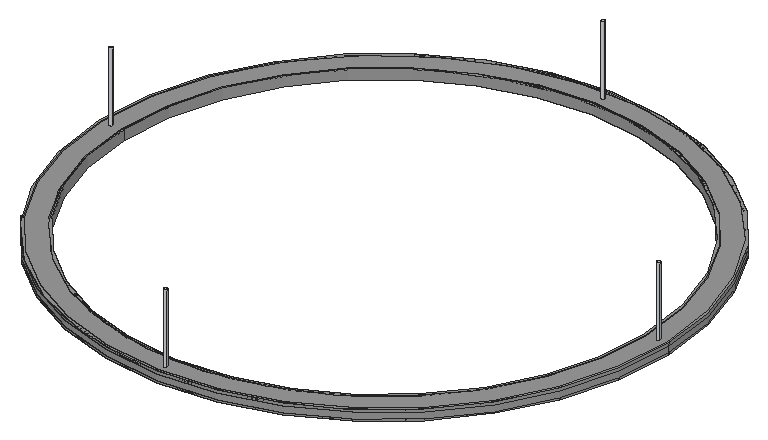
Revit family "MONALISA_1800MM_41_4000K", category Lighting Fixtures, host Ceiling, Revit 2021
Family settings
  Host = Ceiling
  Round Connector Dimension = Use Diameter
  Part Type = Normal
  OmniClass Number = 23.80.70.11
  OmniClass Title = Luminaries for Internal Lighting
  Always vertical = Yes
  Cut with Voids When Loaded = No
  Light Source = Yes
  Shared = No
  Room Calculation Point = No
Parameters (values of type "Type 1")
  Wattage = 68.3982 W
  built-in parameter 1150110 = 1 (stored number, unit not read)
  Type de lampe = "LED Samsung 2835 SMD"
  Type = "Suspension"
  built-in parameter 1114217 = 1 (stored number, unit not read)
  Tilt Angle = 90.00°
  built-in parameter 1150109 = 1 (stored number, unit not read)
  built-in parameter 1150134 = 12
  built-in parameter 1150113 = 1 (stored number, unit not read)
  SDCM = "<3"
  Puissance nominale = "127W"
  Photometric Web File = "google_eulumdat_converter (4).ies"
  Lumens = 10160 lm
  built-in parameter 1150115 = 1 (stored number, unit not read)
  built-in parameter 1150105 = 3442.3 (stored number, unit not read)
  built-in parameter 1150137 = (empty or 0)
  built-in parameter 1150139 = (empty or 0)
  built-in parameter 1150112 = 1 (stored number, unit not read)
  built-in parameter 1150114 = 1 (stored number, unit not read)
  built-in parameter 1150132 = 2
  built-in parameter 1150102 = (empty or 0)
  built-in parameter 1150138 = (empty or 0)
  built-in parameter 1150107 = 4000 (stored number, unit not read)
  built-in parameter 1150106 = 34.423 (stored number, unit not read)
  IRC = ">80"
  Fintion = "Gris aluminium - Diffuseur acrylique"
  Emit from Circle Diameter = 609.6 mm
  Emit Shape Visible in Rendering = no
  built-in parameter 1150104 = 13.8 (stored number, unit not read)
  Durée de vie = "50 000 heures"
  Driver = "Driver Osram"
  Dimming Lamp Color Temperature Shift = <None>
  Dimensions = "ø 1800 mm, H : 32 mm"
  Default Elevation = 0 mm
  Color Filter = 16777215
  built-in parameter 1114218 = 1 (stored number, unit not read)
  built-in parameter 1150133 = 10 (stored number, unit not read)
  Angle d'éclairage = "120°"
  Alimentation luminaire = "950 mA x 4pcs / 30V"
  Alimentation Driver = "AC 220-240V"
Reference planes
  plane 1 "Light Source Axis (F/B)": y = 0
  plane 2: z = 0
  plane 3 "Light Source Axis (L/R)": x = 0
  plane 4 "Ceiling": z = 4000
  plane 5 "Light Source Elevation": z = 3762.902
Forms (mm)
  Extrusion 1, solid, material "Aluminum, Anodized grey"
    sketch origin (0, 0, 4000) x (0, 1, 0) y (-1, 0, 0)
      loop
        circle (0, 0) r 900
      loop
        circle (0, 0) r 825
      loop
        circle (0, 0) r 830.483
      loop
        circle (0, 0) r 893.42
    from -250 to -218
  Extrusion 2, solid, material "Aluminum, Anodized grey"
    sketch origin (0, 0, 4000) x (0, 1, 0) y (-1, 0, 0)
      loop
        circle (0, 0) r 900
      loop
        circle (0, 0) r 830.483
    from -225.222 to -218
  Extrusion 3, solid, material "Glass, White, High Luminance"
    sketch origin (0, 0, 3982.456) x (0, 1, 0) y (-1, 0, 0)
      loop
        circle (0, 0) r 900
      loop
        circle (0, 0) r 830.483
    from -232.456 to -227.456
  Extrusion 4, solid
    sketch origin (1.545, 342.589, 4000) x (0, 1, 0) y (-1, 0, 0)
      loop
        circle (521.528, 1.237) r 5
    from -218 to 0
  Extrusion 5, solid
    sketch origin (-287.425, -286.139, 4000) x (0, 1, 0) y (-1, 0, 0)
      loop
        circle (286.859, 576.784) r 5
    from -218 to 0
  Extrusion 6, solid
    sketch origin (1.729, -1046.099, 4000) x (0, 1, 0) y (-1, 0, 0)
      loop
        circle (180.977, 1.722) r 5
    from -218 to 0
  Extrusion 7, solid
    sketch origin (538.143, -287.217, 4000) x (0, 1, 0) y (-1, 0, 0)
      loop
        circle (287.683, -328.319) r 5
    from -218 to 0
Lines and regions (mm)
  reference lines
    curve 1: line (0, 0, 4000) -> (300, 0, 4000)
    curve 2: line (300, 0, 4000) -> (275, 0, 4000)
    curve 3: line (0, 0, 3750) -> (0, 0, 3782)
    curve 4: line (0, 0, 4000) -> (400, 0, 4000)
    curve 5: line (0, 0, 4000) -> (500, 0, 4000)
    curve 6: line (0, 0, 4000) -> (600, 0, 4000)
    curve 7: line (0, 0, 4000) -> (750, 0, 4000)
    curve 8: line (0, 0, 4000) -> (900, 0, 4000)
Dimensions and locks
  equal spacing: host sketch curve, plane 3 "Light Source Axis (L/R)", host sketch curve
  equal spacing: host sketch curve, plane 1 "Light Source Axis (F/B)", host sketch curve
  host sketch curve to host sketch curve = 4000 mm  (x2)
  plane 4 "Ceiling" to host ceiling = 0 mm
  aligned and locked: plane 1 "Light Source Axis (F/B)" to imposter light
  aligned and locked: plane 5 "Light Source Elevation" to imposter light
